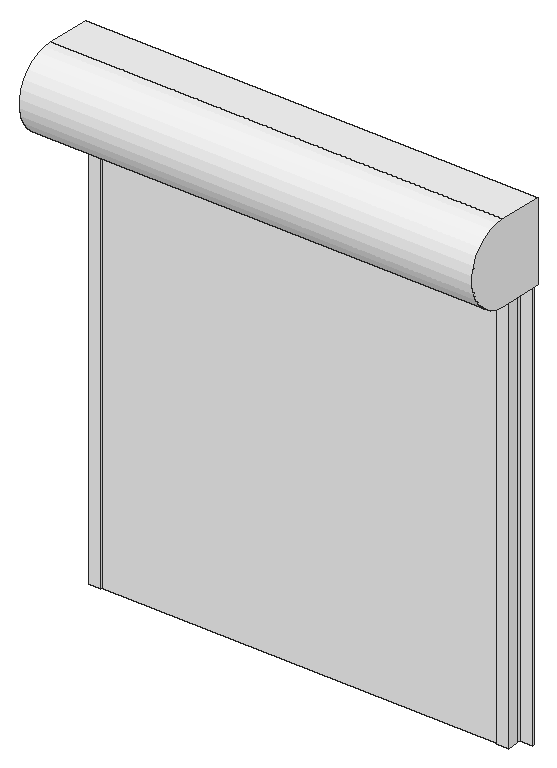
Revit family "DAL_A3-Door-Overhead-Sectional-Wall-Mounted-Smartbim", category Doors, host Wall, Revit 2016
Family settings
  Host = Wall
  Always vertical = Yes
  Cut with Voids When Loaded = No
  Shared = No
  Room Calculation Point = No
Parameters (values of type "Wall Mounted")
  Subcategory = "Overhead Door"
  SmartBIM Object Version = 3  # constant formula
  SmartBIM Object Created By = "SMARTBIM, LLC"  # constant formula
  Roller Chamber = Stainless Steel
  Rail = Stainless Steel
  Manufacturer = "SMARTBIM"
  Height = 8' - 0"
  Wall Closure = By host
  Width = 8' - 0"
  Guide = Stainless Steel
  Function = Interior
  Assembly Code = "B2030400"
  95 CSI = "08330"
  04 CSI = "08 33 23"
Reference planes (in)
  plane 1 "Center (Front/Back)": y = 0
  plane 2 "Center (Left/Right)": x = 0
  plane 3 "Left": x = -48
  plane 4 "Right": x = 48
  plane 5 "Top": z = 96
  plane 6: y = -3
  plane 7: x = -52.5
  plane 8: x = -50.5
  plane 9: y = -3
  plane 10: x = 52.5
  plane 11: x = 50.5
Forms (in)
  Extrusion 1, solid, material "Stainless Steel" <- "Roller Chamber"
    sketch origin (7.86949, 0, 0) x (0, -1, 0) y (0, 0, -1)
      loop
        line (3, -114.24) -> (13, -114.24)
        arc (13, -114.24) -> (22.12, -105.12) -> (13, -96) r 9.12
        line (13, -96) -> (3, -96) -> (3, -114.24)
    from -60.36949 to 44.63051
  Extrusion 2, solid, material "Stainless Steel" <- "Rail"
    sketch origin (0, 0, 0) x (1, 0, 0) y (0, 1, 0)
      loop
        line (-48.5, -6.5) -> (48.5, -6.5) -> (48.5, -5.5) -> (-48.5, -5.5) -> (-48.5, -6.5)
    from 0 to 96
Lines and regions (in)
  Opening 1
    outline origin (-90, -3, 0) x (1, 0, 0) y (0, 0, 1)
      loop
        line (42, 0) -> (138, 0) -> (138, 96) -> (42, 96) -> (42, 0)
  symbolic lines, style "Roller Chamber"
    curve 1: line (-52.5, -3, 0) -> (-52.5, -22.12, 0)
    curve 2: line (-52.5, -22.12, 0) -> (52.5, -22.12, 0)
    curve 3: line (52.5, -22.12, 0) -> (52.5, -3, 0)
  symbolic lines, style "DoorsFrameMullionProjection"
    curve 4: line (-48.5, -4.25, 0) -> (-48.5, -5.5, 0)
    curve 5: line (-48.25, -3.5, 0) -> (-48.25, -5.5, 0)
    curve 6: line (48.25, -3.5, 0) -> (48.25, -5.5, 0)
    curve 7: line (48.5, -4.25, 0) -> (48.5, -5.5, 0)
Text (in)
  text "Exterior" at (-74.96733, 27.31104, 0), in view "Ref. Level"
  text "Interior" at (-74.96733, -25.14366, 0), in view "Ref. Level"
  text "Exterior" at (0, 40.15149, 123.01588), in view "Right"
  text "Interior" at (0, -64.39139, 123.01588), in view "Right"
  text "Interior" at (0, -31.01599, 123.00693), in view "Left"
  text "Exterior" at (0, 54.57065, 123.00693), in view "Left"
Dimensions and locks (in)
  equal spacing: plane 3 "Left", plane 2 "Center (Left/Right)", plane 4 "Right"
  "Height": level to plane 5 "Top"
  "Width": plane 3 "Left" to plane 4 "Right"
  locked: plane 7 to plane 3 "Left" at 4.5
  locked: plane 9 to plane 6
  locked: plane 10 to plane 4 "Right" at 4.5
  locked: plane 6 to Extrusion 1 at 19.12
  locked: plane 8 to plane 3 "Left" at 2.5
  locked: plane 4 "Right" to plane 11 at 2.5
  aligned and locked: plane 3 "Left" to Opening 1 sketch curve
  aligned and locked: plane 5 "Top" to Opening 1 sketch curve  (x2)
  aligned and locked: Opening 1 sketch curve to plane 4 "Right"
  aligned and locked: Opening 1 sketch curve to level
  aligned and locked: plane 6 to host wall
  aligned and locked: nested 1 to plane 9
  aligned and locked: nested 1 to plane 8
  aligned and locked: plane 11 to nested 2
  aligned and locked: plane 9 to nested 2
  aligned and locked: plane 6 to Extrusion 1
  aligned and locked: Extrusion 1 to plane 7
  aligned and locked: Extrusion 1 to plane 10
  aligned and locked: Extrusion 1 to curve 1
  aligned and locked: curve 1 to Extrusion 1
  aligned and locked: Extrusion 1 to curve 3
  aligned and locked: curve 4 to nested 1
  aligned and locked: nested 1 to curve 4
  aligned and locked: nested 1 to curve 5
  aligned and locked: curve 5 to nested 1
  aligned and locked: nested 2 to curve 6
  aligned and locked: curve 6 to nested 2
  aligned and locked: curve 7 to nested 2
  aligned and locked: nested 2 to curve 7
  aligned and locked: Extrusion 2 sketch curve to nested 1  (x2)
  aligned and locked: Extrusion 2 sketch curve to nested 2
  aligned and locked: Extrusion 2 sketch curve to curve 7
  aligned and locked: Extrusion 2 to level
  aligned and locked: Extrusion 2 to host wall
Automatic sketch dimensions
  Extrusion 1 sketch curve to plane 5 "Top" = 0' - 0"
  host wall to Extrusion 1 sketch curve = 0' - 6"
  host wall to Extrusion 1 sketch curve = 1' - 4"
  Extrusion 1 sketch curve to Extrusion 1 sketch curve = 0' - 9.12"
  curve 3 to host wall = 0' - 0"
  curve 4 to curve 5 = 0' - 0"
  curve 3 to curve 6 = 1' - 4.62"
  curve 7 to curve 6 = 0' - 0"
  curve 7 to curve 7 = 0' - 1 1/4"
  curve 5 to curve 4 = 0' - 1 1/4"
Nested families (in)
  nested 1: "Guide-Wall" at (-50.5, -3, 0), type "Guide"
    with Height 8' - 0"
  nested 2: "Guide-Wall" at (50.5, -3, 0) x (-1, 0, 0) z (0, 0, 1), type "Guide"
    with Height 8' - 0"
Definition of nested family "Guide-Wall"
  Parameters
    Height = 7' - 0"
    Guide = none
  Reference planes (in)
    plane 1 "Center (Front/Back)": y = 0
    plane 2: z = 0
    plane 3 "Center (Left/Right)": x = 0
    plane 4: z = 84
    plane 5 "Center Line": x = 4.5
    plane 6: y = -0.25
    plane 7: y = -3.75
    plane 8: y = -3.5
  Forms (in)
    Extrusion 1, solid, material <- "Guide"
      sketch origin (0, 0, 0) x (1, 0, 0) y (0, 1, 0)
        loop
          line (-1, 0) -> (-1, -0.25) -> (2, -0.25) -> (2, -1.25) -> (1.75, -1.25) -> (1.75, -3.75) -> (4.5, -3.75) -> (4.5, -3.5) -> (2, -3.5) -> (2, -2.5) -> (4.5, -2.5) -> (4.5, -2.25) -> (2.5, -2.25) -> (2.5, -0.5) -> (2.25, -0.5) -> (2.25, 0) -> (-1, 0)
      from 0 to 84
  Dimensions and locks (in)
    "Height": plane 4 to plane 2
    locked: plane 3 "Center (Left/Right)" to plane 5 "Center Line" at 4.5
    locked: Extrusion 1 to plane 3 "Center (Left/Right)" at 1
    aligned and locked: plane 2 to level
    aligned and locked: plane 1 "Center (Front/Back)" to Extrusion 1 sketch curve
    aligned and locked: Extrusion 1 sketch curve to plane 5 "Center Line"
    aligned and locked: plane 5 "Center Line" to Extrusion 1 sketch curve
    aligned and locked: plane 6 to Extrusion 1
    aligned and locked: plane 7 to Extrusion 1
    aligned and locked: plane 8 to Extrusion 1
    aligned and locked: plane 4 to Extrusion 1
  Automatic sketch dimensions
    plane 1 "Center (Front/Back)" to Extrusion 1 sketch curve = 0' - 0 1/2"
    Extrusion 1 sketch curve to plane 5 "Center Line" = 0' - 2"
    Extrusion 1 sketch curve to Extrusion 1 sketch curve = 0' - 0 1/4"  (x5)
    Extrusion 1 sketch curve to Extrusion 1 sketch curve = 0' - 0 1/2"
    Extrusion 1 sketch curve to plane 3 "Center (Left/Right)" = 0' - 1"
    Extrusion 1 sketch curve to Extrusion 1 sketch curve = 0' - 0 3/4"
    Extrusion 1 sketch curve to Extrusion 1 sketch curve = 0' - 1"  (x2)
    plane 1 "Center (Front/Back)" to Extrusion 1 sketch curve = 0' - 0 1/4"
